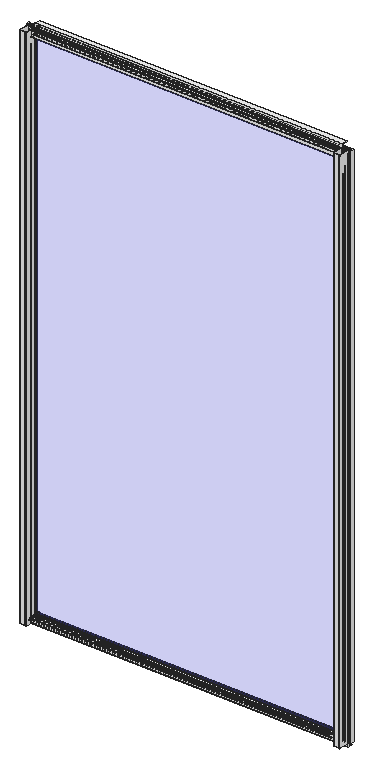
Revit family "Facade_60_Curtain_Wall_S11_Standard", category Windows, host Wall, Revit 2014 (continued)
Types (49, lengths in mm): name | Windload Design | Width | Vertical Profile Length | Overall Width | Overall Height | Max Pane Area | Sill Length | Length Sill | Intruderprufe U Value | Intruderprufe SHGC Value | Intruderprufe LowE U Value | Intruderprufe LowE SHGC Value | Intruderprufe Insulated U Value | Intruderprufe Insulated SHGC Value | Intruderprufe Insulated LowE U Value | Intruderprufe Insulated LowE SHGC Value | Horizontal Profile Length | Glazing Width | Glazing Height | Glazing Gap SG | Glazing Gap DG | DG Thickness Calc | DG Thickness | Height | SG Thickness | Custom Curtain Wall Width | Custom Curtain Wall Height | Custom Windload
  F60-S11-1250-1500Pa | 1500 | 1190 | 4960 | 1000 | 3000 | 5.4192 m² | 1190 | 1190 | 5.74 | 0.708 | 4.16 | 0.62 | 3.08 | 0.609 | 2.39 | 0.549 | 1070 | 1110.4 | 4880.4 | 2 | 2 | 8 | 6 | 4990 | 10 | 1190 | 4990 | 1500
  F60-S11-1250-2000Pa | 2000 | 1190 | 4960 | 1000 | 3000 | 5.4192 m² | 1190 | 1190 | 5.74 | 0.708 | 4.16 | 0.62 | 3.08 | 0.609 | 2.39 | 0.549 | 1070 | 1110.4 | 4880.4 | 2 | 2 | 8 | 6 | 4990 | 10 | 1190 | 4990 | 2000
  F60-S11-1550-1000Pa | 1000 | 1490 | 4960 | 1000 | 3000 | 6.88332 m² | 1490 | 1490 | 5.74 | 0.723 | 4.08 | 0.633 | 3 | 0.622 | 2.32 | 0.56 | 1370 | 1410.4 | 4880.4 | 2 | 2 | 10 | 6 | 4990 | 10 | 1490 | 4990 | 1000
  F60-S11-1550-1500Pa | 1500 | 1490 | 4960 | 1000 | 3000 | 6.88332 m² | 1490 | 1490 | 5.74 | 0.723 | 4.08 | 0.633 | 3 | 0.622 | 2.32 | 0.56 | 1370 | 1410.4 | 4880.4 | 2 | 2 | 10 | 6 | 4990 | 10 | 1490 | 4990 | 1500
  F60-S11-1550-2000Pa | 2000 | 1490 | 4960 | 1000 | 3000 | 6.88332 m² | 1490 | 1490 | 5.74 | 0.723 | 4.08 | 0.633 | 3 | 0.622 | 2.32 | 0.56 | 1370 | 1410.4 | 4880.4 | 2 | 2 | 10 | 6 | 4990 | 10 | 1490 | 4990 | 2000
  F60-S11-1850-1000Pa | 1000 | 1790 | 4960 | 1000 | 3000 | 8.34744 m² | 1790 | 1790 | 5.75 | 0.733 | 4.02 | 0.642 | 2.96 | 0.63 | 2.27 | 0.568 | 1670 | 1710.4 | 4880.4 | 2 | 2 | 10 | 6 | 4990 | 10 | 1790 | 4990 | 1000
  F60-S11-1850-1500Pa | 1500 | 1790 | 4960 | 1000 | 3000 | 8.34744 m² | 1790 | 1790 | 5.75 | 0.733 | 4.02 | 0.642 | 2.96 | 0.63 | 2.27 | 0.568 | 1670 | 1710.4 | 4880.4 | 2 | 2 | 10 | 6 | 4990 | 10 | 1790 | 4990 | 1500
  F60-S11-1850-2000Pa | 2000 | 1790 | 4960 | 1000 | 3000 | 8.34744 m² | 1790 | 1790 | 5.75 | 0.733 | 4.02 | 0.642 | 2.96 | 0.63 | 2.27 | 0.568 | 1670 | 1710.4 | 4880.4 | 2 | 2 | 10 | 6 | 4990 | 10 | 1790 | 4990 | 2000
  F60-S11-2150-1000Pa | 1000 | 2090 | 4960 | 1000 | 3000 | 9.81156 m² | 2090 | 2090 | 5.75 | 0.74 | 3.99 | 0.648 | 2.94 | 0.636 | 2.23 | 0.573 | 1970 | 2010.4 | 4880.4 | 2 | 2 | 10 | 6 | 4990 | 10 | 2090 | 4990 | 1000
  F60-S11-2150-1500Pa | 1500 | 2090 | 4960 | 1000 | 3000 | 9.81156 m² | 2090 | 2090 | 5.75 | 0.74 | 3.99 | 0.648 | 2.94 | 0.636 | 2.23 | 0.573 | 1970 | 2010.4 | 4880.4 | 2 | 2 | 10 | 6 | 4990 | 10 | 2090 | 4990 | 1500
  F60-S11-2150-2000Pa | 2000 | 2090 | 4960 | 1000 | 3000 | 9.81156 m² | 2090 | 2090 | 5.75 | 0.74 | 3.99 | 0.648 | 2.94 | 0.636 | 2.23 | 0.573 | 1970 | 2010.4 | 4880.4 | 2 | 2 | 10 | 6 | 4990 | 10 | 2090 | 4990 | 2000
  F60-S11-2450-1000Pa | 1000 | 2390 | 4960 | 1000 | 3000 | 11.2757 m² | 2390 | 2390 | 5.75 | 0.745 | 3.96 | 0.653 | 2.92 | 0.641 | 2.21 | 0.577 | 2270 | 2310.4 | 4880.4 | 2 | 2 | 10 | 6 | 4990 | 10 | 2390 | 4990 | 1000
  F60-S11-2450-1500Pa | 1500 | 2390 | 4960 | 1000 | 3000 | 11.2757 m² | 2390 | 2390 | 5.75 | 0.745 | 3.96 | 0.653 | 2.92 | 0.641 | 2.21 | 0.577 | 2270 | 2310.4 | 4880.4 | 2 | 2 | 10 | 6 | 4990 | 10 | 2390 | 4990 | 1500
  F60-S11-2450-2000Pa | 2000 | 2390 | 4960 | 1000 | 3000 | 11.2757 m² | 2390 | 2390 | 5.75 | 0.745 | 3.96 | 0.653 | 2.92 | 0.641 | 2.21 | 0.577 | 2270 | 2310.4 | 4880.4 | 2 | 2 | 10 | 6 | 4990 | 10 | 2390 | 4990 | 2000
  F60-S11-2750-1000Pa | 1000 | 2690 | 4960 | 1000 | 3000 | 12.7398 m² | 2690 | 2690 | 5.75 | 0.75 | 3.94 | 0.656 | 2.9 | 0.644 | 2.19 | 0.58 | 2570 | 2610.4 | 4880.4 | 2 | 2 | 10 | 6 | 4990 | 10 | 2690 | 4990 | 1000
  F60-S11-2750-1500Pa | 1500 | 2690 | 4960 | 1000 | 3000 | 12.7398 m² | 2690 | 2690 | 5.75 | 0.75 | 3.94 | 0.656 | 2.9 | 0.644 | 2.19 | 0.58 | 2570 | 2610.4 | 4880.4 | 2 | 2 | 10 | 6 | 4990 | 10 | 2690 | 4990 | 1500
  F60-S11-2750-2000Pa | 2000 | 2690 | 4960 | 1000 | 3000 | 12.7398 m² | 2690 | 2690 | 5.75 | 0.75 | 3.94 | 0.656 | 2.9 | 0.644 | 2.19 | 0.58 | 2570 | 2610.4 | 4880.4 | 2 | 2 | 10 | 6 | 4990 | 10 | 2690 | 4990 | 2000
  F60-S11-3050-1000Pa | 1000 | 2990 | 4960 | 1000 | 3000 | 14.2039 m² | 2990 | 2990 | 5.75 | 0.753 | 3.92 | 0.659 | 2.89 | 0.647 | 2.17 | 0.583 | 2870 | 2910.4 | 4880.4 | 2 | 2 | 10 | 6 | 4990 | 10 | 2990 | 4990 | 1000
  F60-S11-3050-1500Pa | 1500 | 2990 | 4960 | 1000 | 3000 | 14.2039 m² | 2990 | 2990 | 5.75 | 0.753 | 3.92 | 0.659 | 2.89 | 0.647 | 2.17 | 0.583 | 2870 | 2910.4 | 4880.4 | 2 | 2 | 10 | 6 | 4990 | 10 | 2990 | 4990 | 1500
  F60-S11-3050-2000Pa | 2000 | 2990 | 4960 | 2990 | 4990 | 14.2039 m² | 2990 | 2990 | 5.75 | 0.753 | 3.92 | 0.659 | 2.89 | 0.647 | 2.17 | 0.583 | 2870 | 2910.4 | 4880.4 | 2 | 2 | 10 | 6 | 4990 | 10 | 2990 | 4990 | 2000
